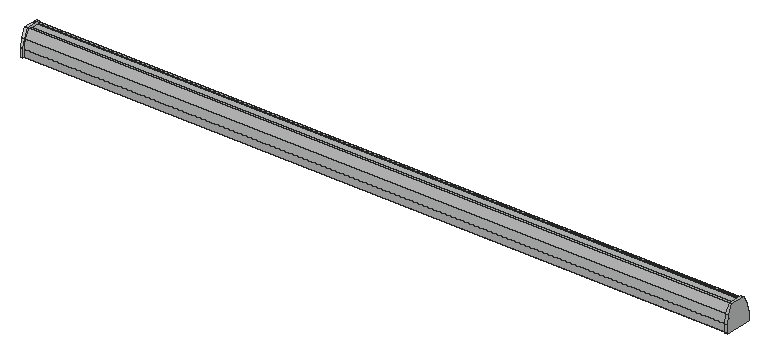
Revit family "LIRA", category Осветительные приборы, Revit 2019
Family settings
  Размер круглого соединителя = Использовать диаметр
  Тип детали = Нормальный
  На основе рабочей плоскости = Да
  Всегда вертикально = Нет
  При загрузке вырезать с полостями = Нет
  Источник света = Да
  Общий = Нет
  Точка расчета площади = Да
Parameters (values of type "LIRA-38/OPAL-2400/IP65  (5000К, серый)")
  built-in parameter 1150104 = 13.8 (stored number, unit not read)
  built-in parameter 1150134 = 2
  Файл фотометрической сетки = "LIRA-38_OPAL-1200.ies"
  Tilt Angle = 90.00°
  built-in parameter 1150137 = (empty or 0)
  built-in parameter 1150132 = 2
  built-in parameter 1150114 = 1 (stored number, unit not read)
  Dimming Lamp Color Temperature Shift = (empty or 0)
  built-in parameter 1150105 = 342.18 (stored number, unit not read)
  Color Filter = 16777215
  Lumens = 4300 lm
  built-in parameter 1150109 = 1 (stored number, unit not read)
  built-in parameter 1150112 = 1 (stored number, unit not read)
  built-in parameter 1150110 = 1 (stored number, unit not read)
  built-in parameter 1150113 = 1 (stored number, unit not read)
  built-in parameter 1150115 = 1 (stored number, unit not read)
  built-in parameter 1114218 = 1 (stored number, unit not read)
  built-in parameter 1114217 = 1 (stored number, unit not read)
  Default Elevation = 1219.2 mm
  built-in parameter 1150106 = 3.4218 (stored number, unit not read)
  built-in parameter 1150142 = "IESNA:LM-63-95\r\n[TEST] Протокол № 50\r\n[DATA] 17.06.2016\r\n[MORE] \r\n[MANUFAC] ЗАО \"Центрстройсвет\"\r\n[LUMCAT]  Светильник OPERLUX-34/PRISMA-(588x588) \r\n[LUMINAIRE]\r\n[LAMPCAT] Светодиоды\r\n[LAMP] Поток источника света (светодиодов) не известен\r\n[MORE] КСС приведена в абсолютных величинах кд\r\n[MORE] Вместо потока лампы, указан поток светильника.\r\nTILT=NONE\r\n1    3050 1.0 37 73 1 2 0.588 0.588 0.08\r\n1.0 1.0 34\r\n0.0 5.0 10.0 15.0 20.0 25.0 30.0 35.0 40.0 45.0 50.0 55.0 60.0 65.0 70.0 75.0 80.0 85.0 90.0 95.0 100.0 105.0 110.0 115.0 120.0 125.0 130.0 135.0 140.0 145.0 150.0 155.0 160.0 165.0 170.0 175.0 180.0\r\n0.0 5.0 10.0 15.0 20.0 25.0 30.0 35.0 40.0 45.0 50.0 55.0 60.0 65.0 70.0 75.0 80.0 85.0 90.0 95.0 100.0 105.0 110.0 115.0 120.0 125.0 130.0 135.0 140.0 145.0 150.0 155.0 160.0 165.0 170.0 175.0 180.0 185.0 190.0 195.0 200.0 205.0 210.0 215.0 220.0 225.0 230.0 235.0 240.0 245.0 250.0 255.0 260.0 265.0 270.0 275.0 280.0 285.0 290.0 295.0 300.0 305.0 310.0 315.0 320.0 325.0 330.0 335.0 340.0 345.0 350.0 355.0 360.0\r\n1367.8 1364.1 1339.9 1310.7 1251.0 1171.4 1077.9 956.5 826.9 709.2 591.4 468.7 352.2 267.2 190.7 130.0 88.6 43.5 5.5 0.0 0.0 0.0 0.0 0.0 0.0 0.0 0.0 0.0 0.0 0.0 0.0 0.0 0.0 0.0 0.0 0.0 0.0\r\n1367.8 1365.7 1344.6 1309.2 1251.5 1175.2 1073.4 954.2 830.4 711.2 594.6 469.5 356.0 268.7 191.9 132.6 89.9 43.9 6.3 0.0 0.0 0.0 0.0 0.0 0.0 0.0 0.0 0.0 0.0 0.0 0.0 0.0 0.0 0.0 0.0 0.0 0.0\r\n1367.8 1367.4 1347.2 1302.8 1251.5 1178.6 1078.4 958.6 835.1 714.0 597.2 474.3 359.6 268.7 192.7 135.6 92.1 44.3 6.9 0.0 0.0 0.0 0.0 0.0 0.0 0.0 0.0 0.0 0.0 0.0 0.0 0.0 0.0 0.0 0.0 0.0 0.0\r\n1367.8 1368.2 1346.2 1303.1 1250.1 1177.1 1081.4 960.9 838.1 716.2 597.6 475.0 358.6 266.4 190.9 134.8 91.7 44.9 7.0 0.0 0.0 0.0 0.0 0.0 0.0 0.0 0.0 0.0 0.0 0.0 0.0 0.0 0.0 0.0 0.0 0.0 0.0\r\n1367.8 1367.7 1343.5 1306.2 1256.1 1180.0 1081.0 961.6 838.1 714.0 595.7 473.1 356.8 262.2 188.3 132.8 89.3 43.7 6.6 0.0 0.0 0.0 0.0 0.0 0.0 0.0 0.0 0.0 0.0 0.0 0.0 0.0 0.0 0.0 0.0 0.0 0.0\r\n1367.8 1366.2 1344.8 1309.0 1256.2 1184.6 1080.4 962.6 836.8 714.8 593.8 469.6 354.4 260.1 184.9 130.4 88.4 44.2 6.5 0.0 0.0 0.0 0.0 0.0 0.0 0.0 0.0 0.0 0.0 0.0 0.0 0.0 0.0 0.0 0.0 0.0 0.0\r\n1367.8 1364.3 1347.6 1312.1 1259.9 1177.4 1078.5 968.2 849.1 721.6 596.0 467.2 355.0 257.4 183.3 127.1 87.5 45.4 6.5 0.0 0.0 0.0 0.0 0.0 0.0 0.0 0.0 0.0 0.0 0.0 0.0 0.0 0.0 0.0 0.0 0.0 0.0\r\n1367.8 1363.3 1348.8 1312.0 1262.8 1181.2 1077.4 968.8 853.2 730.0 597.2 466.8 353.5 256.9 181.1 124.8 87.2 45.9 6.9 0.0 0.0 0.0 0.0 0.0 0.0 0.0 0.0 0.0 0.0 0.0 0.0 0.0 0.0 0.0 0.0 0.0 0.0\r\n1367.8 1364.0 1350.3 1308.2 1255.9 1182.2 1079.9 969.0 856.0 734.3 601.1 468.4 352.6 254.4 178.0 121.7 85.5 45.0 6.9 0.0 0.0 0.0 0.0 0.0 0.0 0.0 0.0 0.0 0.0 0.0 0.0 0.0 0.0 0.0 0.0 0.0 0.0\r\n1367.8 1364.9 1349.2 1313.0 1259.2 1178.2 1076.4 970.7 860.9 740.8 606.9 469.1 350.2 254.0 175.6 117.8 83.6 43.4 6.7 0.0 0.0 0.0 0.0 0.0 0.0 0.0 0.0 0.0 0.0 0.0 0.0 0.0 0.0 0.0 0.0 0.0 0.0\r\n1367.8 1365.0 1348.6 1315.3 1261.5 1184.1 1082.6 973.9 862.8 745.2 607.9 469.0 350.5 253.1 173.2 116.2 81.4 42.4 6.5 0.0 0.0 0.0 0.0 0.0 0.0 0.0 0.0 0.0 0.0 0.0 0.0 0.0 0.0 0.0 0.0 0.0 0.0\r\n1367.8 1364.4 1347.9 1315.3 1258.7 1186.3 1085.9 970.5 862.2 747.0 613.0 468.8 350.2 252.8 173.4 116.6 79.8 40.9 6.7 0.0 0.0 0.0 0.0 0.0 0.0 0.0 0.0 0.0 0.0 0.0 0.0 0.0 0.0 0.0 0.0 0.0 0.0\r\n1367.8 1363.4 1347.0 1308.3 1258.6 1184.3 1089.8 973.9 867.7 742.3 606.2 467.0 350.0 252.6 175.4 119.1 79.8 42.1 7.1 0.0 0.0 0.0 0.0 0.0 0.0 0.0 0.0 0.0 0.0 0.0 0.0 0.0 0.0 0.0 0.0 0.0 0.0\r\n1367.8 1362.6 1348.4 1308.2 1261.4 1190.2 1088.3 978.6 869.6 744.0 601.1 462.4 350.2 253.6 175.9 123.0 83.5 45.3 7.8 0.0 0.0 0.0 0.0 0.0 0.0 0.0 0.0 0.0 0.0 0.0 0.0 0.0 0.0 0.0 0.0 0.0 0.0\r\n1367.8 1362.3 1347.3 1311.1 1262.3 1191.1 1093.6 982.5 872.1 746.6 597.2 461.1 348.8 251.4 176.3 127.6 89.2 48.5 7.9 0.0 0.0 0.0 0.0 0.0 0.0 0.0 0.0 0.0 0.0 0.0 0.0 0.0 0.0 0.0 0.0 0.0 0.0\r\n1367.8 1362.5 1345.8 1316.1 1260.6 1190.3 1096.8 982.6 873.3 743.8 593.1 456.4 347.2 250.6 175.7 130.9 94.2 51.8 9.3 0.0 0.0 0.0 0.0 0.0 0.0 0.0 0.0 0.0 0.0 0.0 0.0 0.0 0.0 0.0 0.0 0.0 0.0\r\n1367.8 1363.2 1345.2 1315.5 1267.1 1195.5 1096.1 995.9 871.3 740.3 589.0 455.0 342.8 246.9 174.2 131.9 97.1 52.4 10.1 0.0 0.0 0.0 0.0 0.0 0.0 0.0 0.0 0.0 0.0 0.0 0.0 0.0 0.0 0.0 0.0 0.0 0.0\r\n1367.8 1364.5 1346.0 1317.2 1264.0 1194.7 1102.6 991.8 873.9 736.2 584.7 454.3 338.6 243.0 171.3 130.1 99.3 53.7 9.5 0.0 0.0 0.0 0.0 0.0 0.0 0.0 0.0 0.0 0.0 0.0 0.0 0.0 0.0 0.0 0.0 0.0 0.0\r\n1367.8 1365.9 1346.4 1317.1 1264.0 1198.2 1105.3 994.6 872.6 727.7 582.0 451.8 335.8 239.9 168.3 127.6 100.0 55.8 7.5 0.0 0.0 0.0 0.0 0.0 0.0 0.0 0.0 0.0 0.0 0.0 0.0 0.0 0.0 0.0 0.0 0.0 0.0\r\n1367.8 1366.3 1344.9 1317.5 1265.6 1200.4 1108.2 997.2 868.8 722.7 575.8 446.5 333.1 238.4 167.7 126.3 98.1 56.1 8.8 0.0 0.0 0.0 0.0 0.0 0.0 0.0 0.0 0.0 0.0 0.0 0.0 0.0 0.0 0.0 0.0 0.0 0.0\r\n1367.8 1365.9 1344.0 1313.0 1263.2 1200.6 1104.3 997.0 862.7 720.9 568.5 441.0 331.7 237.8 167.7 126.3 96.7 53.7 9.4 0.0 0.0 0.0 0.0 0.0 0.0 0.0 0.0 0.0 0.0 0.0 0.0 0.0 0.0 0.0 0.0 0.0 0.0\r\n1367.8 1365.3 1346.1 1312.6 1263.0 1198.3 1108.1 995.3 861.6 712.7 563.4 437.4 331.4 236.8 165.9 124.7 95.3 55.2 9.1 0.0 0.0 0.0 0.0 0.0 0.0 0.0 0.0 0.0 0.0 0.0 0.0 0.0 0.0 0.0 0.0 0.0 0.0\r\n1367.8 1364.9 1349.2 1313.0 1262.9 1199.0 1108.3 993.8 855.7 710.3 563.1 435.2 329.9 233.9 163.4 121.6 92.0 55.1 8.8 0.0 0.0 0.0 0.0 0.0 0.0 0.0 0.0 0.0 0.0 0.0 0.0 0.0 0.0 0.0 0.0 0.0 0.0\r\n1367.8 1364.1 1352.0 1313.2 1259.2 1197.0 1104.6 988.6 849.9 704.2 562.4 433.5 327.9 230.5 158.4 116.9 87.6 51.4 7.8 0.0 0.0 0.0 0.0 0.0 0.0 0.0 0.0 0.0 0.0 0.0 0.0 0.0 0.0 0.0 0.0 0.0 0.0\r\n1367.8 1363.0 1349.6 1313.3 1257.8 1193.2 1098.7 980.1 848.0 708.1 565.6 433.4 325.1 228.0 154.2 111.3 83.7 49.7 7.5 0.0 0.0 0.0 0.0 0.0 0.0 0.0 0.0 0.0 0.0 0.0 0.0 0.0 0.0 0.0 0.0 0.0 0.0\r\n1367.8 1361.9 1346.7 1314.1 1256.8 1193.2 1093.6 977.6 847.2 708.6 569.1 434.8 324.5 225.9 151.7 107.5 81.6 48.9 7.3 0.0 0.0 0.0 0.0 0.0 0.0 0.0 0.0 0.0 0.0 0.0 0.0 0.0 0.0 0.0 0.0 0.0 0.0\r\n1367.8 1361.2 1345.0 1309.5 1261.1 1193.3 1089.9 973.2 851.1 709.3 572.7 435.0 323.4 225.4 152.1 105.8 80.4 49.9 7.3 0.0 0.0 0.0 0.0 0.0 0.0 0.0 0.0 0.0 0.0 0.0 0.0 0.0 0.0 0.0 0.0 0.0 0.0\r\n1367.8 1360.5 1345.3 1307.2 1258.6 1186.4 1085.9 974.0 847.9 714.1 575.5 436.8 321.2 223.3 152.0 105.2 79.8 49.6 8.0 0.0 0.0 0.0 0.0 0.0 0.0 0.0 0.0 0.0 0.0 0.0 0.0 0.0 0.0 0.0 0.0 0.0 0.0\r\n1367.8 1360.0 1344.3 1308.1 1257.8 1178.2 1085.3 975.1 848.7 715.2 575.4 439.1 318.7 223.0 150.8 104.3 79.3 49.5 8.2 0.0 0.0 0.0 0.0 0.0 0.0 0.0 0.0 0.0 0.0 0.0 0.0 0.0 0.0 0.0 0.0 0.0 0.0\r\n1367.8 1360.5 1346.2 1311.6 1256.3 1174.7 1082.9 978.6 851.4 710.5 574.9 440.6 317.9 221.6 152.3 106.4 79.3 48.7 8.4 0.0 0.0 0.0 0.0 0.0 0.0 0.0 0.0 0.0 0.0 0.0 0.0 0.0 0.0 0.0 0.0 0.0 0.0\r\n1367.8 1361.9 1350.3 1309.3 1252.2 1172.6 1080.3 970.8 851.2 713.3 570.6 439.7 319.0 222.4 154.5 110.7 81.7 47.4 8.1 0.0 0.0 0.0 0.0 0.0 0.0 0.0 0.0 0.0 0.0 0.0 0.0 0.0 0.0 0.0 0.0 0.0 0.0\r\n1367.8 1363.7 1348.0 1307.6 1253.5 1171.4 1087.1 971.6 851.9 710.7 569.9 438.2 323.8 226.5 159.3 115.4 83.3 45.0 7.6 0.0 0.0 0.0 0.0 0.0 0.0 0.0 0.0 0.0 0.0 0.0 0.0 0.0 0.0 0.0 0.0 0.0 0.0\r\n1367.8 1365.3 1346.4 1312.3 1251.8 1172.7 1086.5 974.6 847.7 705.0 567.7 442.4 326.6 234.0 164.3 120.1 85.8 43.9 7.4 0.0 0.0 0.0 0.0 0.0 0.0 0.0 0.0 0.0 0.0 0.0 0.0 0.0 0.0 0.0 0.0 0.0 0.0\r\n1367.8 1366.2 1347.0 1309.1 1250.4 1170.7 1085.2 978.5 846.6 705.8 567.4 441.3 331.1 236.3 167.7 122.8 88.4 45.0 8.1 0.0 0.0 0.0 0.0 0.0 0.0 0.0 0.0 0.0 0.0 0.0 0.0 0.0 0.0 0.0 0.0 0.0 0.0\r\n1367.8 1366.0 1347.9 1306.2 1240.5 1166.7 1082.2 977.2 844.2 702.8 566.8 442.7 335.1 241.3 169.7 123.7 90.0 45.9 9.2 0.0 0.0 0.0 0.0 0.0 0.0 0.0 0.0 0.0 0.0 0.0 0.0 0.0 0.0 0.0 0.0 0.0 0.0\r\n1367.8 1364.3 1346.5 1311.7 1250.6 1170.3 1080.9 980.5 844.4 703.8 569.8 446.4 334.2 240.3 169.5 121.7 87.9 46.9 9.3 0.0 0.0 0.0 0.0 0.0 0.0 0.0 0.0 0.0 0.0 0.0 0.0 0.0 0.0 0.0 0.0 0.0 0.0\r\n1367.8 1361.6 1341.0 1307.3 1249.6 1169.2 1088.8 980.5 845.1 706.2 571.7 444.8 333.0 238.4 168.9 120.7 87.1 47.8 7.8 0.0 0.0 0.0 0.0 0.0 0.0 0.0 0.0 0.0 0.0 0.0 0.0 0.0 0.0 0.0 0.0 0.0 0.0\r\n1367.8 1359.4 1337.2 1303.3 1252.4 1170.4 1080.4 978.1 841.4 701.4 566.4 444.4 333.5 241.2 169.4 122.2 88.2 47.2 9.5 0.0 0.0 0.0 0.0 0.0 0.0 0.0 0.0 0.0 0.0 0.0 0.0 0.0 0.0 0.0 0.0 0.0 0.0\r\n1367.8 1359.3 1342.6 1310.3 1242.7 1173.0 1078.8 976.3 844.8 702.0 565.3 440.7 332.8 240.9 169.9 123.5 89.5 46.1 9.1 0.0 0.0 0.0 0.0 0.0 0.0 0.0 0.0 0.0 0.0 0.0 0.0 0.0 0.0 0.0 0.0 0.0 0.0\r\n1367.8 1361.3 1345.4 1306.4 1248.2 1167.7 1080.4 980.5 846.8 703.5 567.2 443.4 333.2 240.2 168.7 123.1 88.4 46.2 8.4 0.0 0.0 0.0 0.0 0.0 0.0 0.0 0.0 0.0 0.0 0.0 0.0 0.0 0.0 0.0 0.0 0.0 0.0\r\n1367.8 1364.4 1343.1 1308.2 1251.3 1170.9 1084.2 980.8 848.5 707.7 571.1 445.6 332.7 238.1 167.5 120.7 85.6 44.6 7.7 0.0 0.0 0.0 0.0 0.0 0.0 0.0 0.0 0.0 0.0 0.0 0.0 0.0 0.0 0.0 0.0 0.0 0.0\r\n1367.8 1366.7 1342.9 1310.2 1254.3 1176.8 1087.8 981.7 853.4 711.9 574.2 446.0 329.4 232.8 162.6 116.6 83.7 45.3 8.1 0.0 0.0 0.0 0.0 0.0 0.0 0.0 0.0 0.0 0.0 0.0 0.0 0.0 0.0 0.0 0.0 0.0 0.0\r\n1367.8 1367.7 1346.5 1310.6 1258.1 1183.1 1085.5 978.6 854.1 714.2 577.9 448.7 327.1 229.4 158.3 112.1 82.0 47.9 9.0 0.0 0.0 0.0 0.0 0.0 0.0 0.0 0.0 0.0 0.0 0.0 0.0 0.0 0.0 0.0 0.0 0.0 0.0\r\n1367.8 1367.3 1348.0 1310.6 1262.6 1180.1 1086.5 982.6 856.7 719.8 579.9 448.7 324.7 226.8 155.7 107.8 80.3 50.1 9.5 0.0 0.0 0.0 0.0 0.0 0.0 0.0 0.0 0.0 0.0 0.0 0.0 0.0 0.0 0.0 0.0 0.0 0.0\r\n1367.8 1365.6 1348.6 1309.9 1259.0 1186.0 1089.0 979.4 855.0 722.2 584.2 450.5 325.6 227.6 155.8 107.2 80.5 51.4 9.6 0.0 0.0 0.0 0.0 0.0 0.0 0.0 0.0 0.0 0.0 0.0 0.0 0.0 0.0 0.0 0.0 0.0 0.0\r\n1367.8 1363.3 1347.7 1306.8 1261.1 1190.7 1095.5 982.3 860.8 723.2 585.7 446.3 327.8 230.3 158.2 109.3 81.7 51.4 9.3 0.0 0.0 0.0 0.0 0.0 0.0 0.0 0.0 0.0 0.0 0.0 0.0 0.0 0.0 0.0 0.0 0.0 0.0\r\n1367.8 1361.0 1344.4 1306.7 1264.4 1191.7 1095.0 984.8 858.7 723.1 583.6 444.8 328.4 232.3 158.6 109.9 81.8 51.7 9.0 0.0 0.0 0.0 0.0 0.0 0.0 0.0 0.0 0.0 0.0 0.0 0.0 0.0 0.0 0.0 0.0 0.0 0.0\r\n1367.8 1359.1 1344.3 1308.4 1263.8 1198.1 1102.2 989.8 861.5 721.8 582.8 444.8 331.3 233.7 158.6 111.1 83.0 50.9 8.9 0.0 0.0 0.0 0.0 0.0 0.0 0.0 0.0 0.0 0.0 0.0 0.0 0.0 0.0 0.0 0.0 0.0 0.0\r\n1367.8 1357.8 1346.5 1313.8 1263.6 1192.7 1107.0 996.3 859.5 718.8 579.1 442.9 332.1 234.9 160.7 114.1 84.6 51.0 9.2 0.0 0.0 0.0 0.0 0.0 0.0 0.0 0.0 0.0 0.0 0.0 0.0 0.0 0.0 0.0 0.0 0.0 0.0\r\n1367.8 1357.7 1347.3 1313.2 1264.3 1198.9 1108.1 998.6 864.9 718.7 573.2 441.1 332.1 237.8 164.0 118.2 87.5 52.0 9.8 0.0 0.0 0.0 0.0 0.0 0.0 0.0 0.0 0.0 0.0 0.0 0.0 0.0 0.0 0.0 0.0 0.0 0.0\r\n1367.8 1358.5 1346.9 1313.1 1266.5 1195.6 1112.2 1002.8 870.4 722.5 574.7 443.8 335.7 239.1 166.4 121.6 91.2 55.8 10.9 0.0 0.0 0.0 0.0 0.0 0.0 0.0 0.0 0.0 0.0 0.0 0.0 0.0 0.0 0.0 0.0 0.0 0.0\r\n1367.8 1359.8 1344.7 1312.9 1269.5 1203.1 1107.5 1002.6 874.5 724.4 574.3 444.8 335.5 240.3 169.6 124.4 94.2 56.9 11.6 0.0 0.0 0.0 0.0 0.0 0.0 0.0 0.0 0.0 0.0 0.0 0.0 0.0 0.0 0.0 0.0 0.0 0.0\r\n1367.8 1361.7 1344.5 1316.7 1266.1 1199.3 1111.1 1004.7 879.7 733.6 577.6 446.7 337.8 241.2 168.7 126.0 96.3 56.5 11.7 0.0 0.0 0.0 0.0 0.0 0.0 0.0 0.0 0.0 0.0 0.0 0.0 0.0 0.0 0.0 0.0 0.0 0.0\r\n1367.8 1363.9 1346.7 1316.2 1265.7 1198.1 1117.1 1006.7 882.1 737.2 586.5 450.4 338.9 242.3 167.8 125.5 98.6 58.1 10.5 0.0 0.0 0.0 0.0 0.0 0.0 0.0 0.0 0.0 0.0 0.0 0.0 0.0 0.0 0.0 0.0 0.0 0.0\r\n1367.8 1365.2 1345.4 1319.5 1265.7 1198.8 1109.1 1003.5 876.9 742.6 589.1 456.4 341.1 242.1 167.5 126.8 100.2 57.9 8.8 0.0 0.0 0.0 0.0 0.0 0.0 0.0 0.0 0.0 0.0 0.0 0.0 0.0 0.0 0.0 0.0 0.0 0.0\r\n1367.8 1365.0 1345.2 1312.9 1265.8 1199.0 1109.7 999.6 877.6 742.6 595.8 457.7 342.1 245.3 170.4 128.5 99.0 56.9 11.0 0.0 0.0 0.0 0.0 0.0 0.0 0.0 0.0 0.0 0.0 0.0 0.0 0.0 0.0 0.0 0.0 0.0 0.0\r\n1367.8 1364.1 1347.9 1311.6 1271.1 1195.3 1102.7 998.9 881.1 745.5 597.2 460.9 345.1 248.6 174.0 129.7 96.5 55.6 11.2 0.0 0.0 0.0 0.0 0.0 0.0 0.0 0.0 0.0 0.0 0.0 0.0 0.0 0.0 0.0 0.0 0.0 0.0\r\n1367.8 1363.0 1347.3 1314.0 1269.6 1192.3 1104.9 991.5 878.3 748.8 603.5 463.3 348.1 251.3 177.2 130.4 94.2 55.0 10.3 0.0 0.0 0.0 0.0 0.0 0.0 0.0 0.0 0.0 0.0 0.0 0.0 0.0 0.0 0.0 0.0 0.0 0.0\r\n1367.8 1362.4 1346.2 1314.7 1264.3 1194.7 1094.8 992.0 878.4 749.1 608.2 465.6 349.4 252.9 177.2 127.6 90.1 51.7 8.7 0.0 0.0 0.0 0.0 0.0 0.0 0.0 0.0 0.0 0.0 0.0 0.0 0.0 0.0 0.0 0.0 0.0 0.0\r\n1367.8 1362.7 1348.0 1314.5 1265.5 1196.6 1094.9 983.4 872.0 752.6 609.3 469.0 352.6 254.1 177.1 125.0 85.8 47.2 8.1 0.0 0.0 0.0 0.0 0.0 0.0 0.0 0.0 0.0 0.0 0.0 0.0 0.0 0.0 0.0 0.0 0.0 0.0\r\n1367.8 1362.9 1347.6 1317.1 1264.6 1191.1 1090.4 981.6 868.8 748.7 612.1 472.2 352.0 253.6 176.2 121.4 83.1 43.4 6.9 0.0 0.0 0.0 0.0 0.0 0.0 0.0 0.0 0.0 0.0 0.0 0.0 0.0 0.0 0.0 0.0 0.0 0.0\r\n1367.8 1362.5 1343.6 1318.7 1268.8 1192.3 1085.5 974.5 866.1 750.5 612.3 472.0 350.7 253.1 174.7 119.5 83.2 43.3 6.3 0.0 0.0 0.0 0.0 0.0 0.0 0.0 0.0 0.0 0.0 0.0 0.0 0.0 0.0 0.0 0.0 0.0 0.0\r\n1367.8 1362.1 1341.3 1317.3 1267.8 1185.0 1082.2 972.1 864.2 747.6 611.4 473.0 350.1 254.2 174.7 118.9 84.4 45.4 6.1 0.0 0.0 0.0 0.0 0.0 0.0 0.0 0.0 0.0 0.0 0.0 0.0 0.0 0.0 0.0 0.0 0.0 0.0\r\n1367.8 1362.2 1343.6 1308.9 1260.0 1189.4 1084.9 971.7 859.6 740.4 606.9 470.8 351.4 253.9 176.6 120.3 86.5 45.9 6.5 0.0 0.0 0.0 0.0 0.0 0.0 0.0 0.0 0.0 0.0 0.0 0.0 0.0 0.0 0.0 0.0 0.0 0.0\r\n1367.8 1363.0 1342.9 1314.5 1263.9 1184.9 1081.6 971.9 853.4 735.2 605.3 467.7 352.3 254.8 180.1 122.7 87.8 46.6 6.8 0.0 0.0 0.0 0.0 0.0 0.0 0.0 0.0 0.0 0.0 0.0 0.0 0.0 0.0 0.0 0.0 0.0 0.0\r\n1367.8 1364.3 1340.2 1313.1 1261.0 1182.5 1084.4 971.4 852.3 730.7 600.0 466.2 354.3 255.8 181.2 124.6 88.4 46.8 6.6 0.0 0.0 0.0 0.0 0.0 0.0 0.0 0.0 0.0 0.0 0.0 0.0 0.0 0.0 0.0 0.0 0.0 0.0\r\n1367.8 1365.9 1343.5 1308.2 1258.3 1181.3 1083.1 966.4 845.6 721.0 594.9 467.0 352.2 259.1 183.4 126.7 88.1 45.4 6.1 0.0 0.0 0.0 0.0 0.0 0.0 0.0 0.0 0.0 0.0 0.0 0.0 0.0 0.0 0.0 0.0 0.0 0.0\r\n1367.8 1366.3 1345.1 1308.7 1254.7 1177.8 1080.9 969.9 838.6 714.9 593.4 465.7 351.7 258.6 185.5 129.6 88.1 44.0 5.9 0.0 0.0 0.0 0.0 0.0 0.0 0.0 0.0 0.0 0.0 0.0 0.0 0.0 0.0 0.0 0.0 0.0 0.0\r\n1367.8 1364.5 1343.2 1306.3 1248.4 1177.3 1082.4 962.7 833.3 713.0 595.0 468.9 352.8 260.9 187.3 132.3 88.7 43.5 6.0 0.0 0.0 0.0 0.0 0.0 0.0 0.0 0.0 0.0 0.0 0.0 0.0 0.0 0.0 0.0 0.0 0.0 0.0\r\n1367.8 1362.4 1346.0 1305.7 1255.8 1170.9 1078.4 956.8 832.7 709.6 592.6 470.6 355.6 263.8 189.2 133.7 90.3 44.0 6.3 0.0 0.0 0.0 0.0 0.0 0.0 0.0 0.0 0.0 0.0 0.0 0.0 0.0 0.0 0.0 0.0 0.0 0.0\r\n1367.8 1362.0 1346.8 1311.0 1252.6 1177.3 1074.5 958.3 825.6 709.7 591.0 467.7 356.3 264.6 188.4 133.0 90.3 43.3 6.2 0.0 0.0 0.0 0.0 0.0 0.0 0.0 0.0 0.0 0.0 0.0 0.0 0.0 0.0 0.0 0.0 0.0 0.0\r\n1367.8 1363.0 1341.5 1311.3 1242.3 1175.5 1082.4 953.9 818.8 707.4 591.0 466.6 352.5 265.4 188.6 130.9 89.0 43.1 6.3 0.0 0.0 0.0 0.0 0.0 0.0 0.0 0.0 0.0 0.0 0.0 0.0 0.0 0.0 0.0 0.0 0.0 0.0\r\n1367.8 1364.1 1339.9 1310.7 1251.0 1171.4 1077.9 956.5 826.9 709.2 591.4 468.7 352.2 267.2 190.7 130.0 88.6 43.5 5.5 0.0 0.0 0.0 0.0 0.0 0.0 0.0 0.0 0.0 0.0 0.0 0.0 0.0 0.0 0.0 0.0 0.0 0.0\r\n"
  built-in parameter 1150133 = 10 (stored number, unit not read)
  Wattage = 28.948 W
  Материал коробки = RAL 9006
  built-in parameter 1150139 = (empty or 0)
  built-in parameter 1150138 = (empty or 0)
  built-in parameter 1150107 = 5000 (stored number, unit not read)
  built-in parameter 1150102 = (empty or 0)
  Emit from Rectangle Width = Ширина - 4 mm  # 83 mm
  Emit from Rectangle Length = Длина - 20 mm  # 2400 mm
  Длина = 2420 mm
  УГО [instance] = yes
  Description = ""
  Материал светильника = RAL 9006
  Материал стекла = RAL светящийся
  Type Comments = ""
  Изготовитель = "ЗАО «Центрстройсвет»"
  Ширина = 87 mm
  Высота = 80 mm
  Видимая форма излучения при визуализации = no
  URL = "http://csvt.ru/"
  ADSK_Ток = ADSK_Номинальная мощность / (ADSK_Коэффициент мощности * ADSK_Напряжение * sqrt(ADSK_Количество фаз числовое))  # 0.179584 A
  ADSK_Примечание = ""
  ADSK_Полная мощность = ADSK_Номинальная мощность / ADSK_Коэффициент мощности  # 41.3043 VA
  ADSK_Обозначение = "LIRA-38/OPAL-2400/IP65  (5000К, серый)"
  ADSK_Номинальная мощность = 38 W
  ADSK_Напряжение = 230 V
  ADSK_Наименование = "Светодиодный пылевлагозащищенный светильник LIRA-38/OPAL-2400/IP65  (5000К, серый)"
  ADSK_Масса = 5.5
  ADSK_Коэффициент мощности = 0.92
  ADSK_Количество фаз числовое = 1
  ADSK_Количество фаз = 1
  ADSK_Код изделия = "ЦБ000009477"
  ADSK_Классификация нагрузок = Прочее
  ADSK_Завод-изготовитель = "ЗАО «Центрстройсвет»"
  ADSK_Единица измерения = "шт."
Reference planes
  plane 1 "По центру (Вперед/Назад)": y = 0
  plane 2: z = 0
  plane 3 "По центру (Влево/Вправо)": x = 0
  plane 4: x = -1210
  plane 5: x = 1210
  plane 6: y = -43.5
  plane 7: y = 43.5
  plane 8: y = -41.5
  plane 9: y = 41.5
  plane 10: x = 1209
  plane 11: x = -1209
  plane 12: z = -75
  plane 13: z = -80
  plane 14: z = -79
  plane 15: z = -53.333
  plane 16: z = -26.667
  plane 17: y = -38.5
  plane 18: y = -23.5
  plane 19: y = 38.5
  plane 20: y = 23.5
  plane 21: x = 1200
  plane 22: x = -1200
  plane 23: z = -3
Forms (mm)
  Extrusion 1, solid, material "RAL светящийся" <- "Материал стекла", detail levels medium+fine
    sketch origin (0, 0, 0) x (1, 0, 0) y (0, 1, 0)
      loop
        line (-1200, 41.5) -> (-1200, -41.5) -> (1200, -41.5) -> (1200, 41.5) -> (-1200, 41.5)
    from -80 to -75
  Extrusion 2, void, detail levels medium+fine
    sketch origin (0, 0, 0) x (0, 1, 0) y (0, 0, 1)
      loop
        line (41.5, -79) -> (-41.5, -79) -> (-41.5, -80) -> (41.5, -80) -> (41.5, -79)
    from -1200 to 1200
  Extrusion 3, solid, material "RAL 9006" <- "Материал светильника", detail levels medium+fine
    sketch origin (0, 0, 0) x (0, 1, 0) y (0, 0, 1)
      loop
        line (23.5, 0) -> (13.071, 0) -> (13.071, -1) -> (16.071, -1) -> (16.071, -3) -> (-16.071, -3) -> (-16.071, -1) -> (-13.071, -1) -> (-13.071, 0) -> (-23.5, 0) -> (-38.5, -26.667) -> (-43.5, -53.333) -> (-43.5, -80) -> (-41.5, -80) -> (-41.5, -79) -> (-42.5, -79) -> (-42.5, -75) -> (42.5, -75) -> (42.5, -79) -> (41.5, -79) -> (41.5, -80) -> (43.5, -80) -> (43.5, -53.333) -> (38.5, -26.667) -> (23.5, 0)
    from -1209 to 1209
  Extrusion 4, solid, material "RAL 9006" <- "Материал коробки", detail levels medium+fine
    sketch origin (0, 0, 0) x (0, 1, 0) y (0, 0, 1)
      loop
        line (39.452, -26.32) -> (24.085, 1) -> (-24.085, 1) -> (-39.452, -26.32) -> (-44.5, -53.24) -> (-44.5, -81) -> (44.5, -81) -> (44.5, -53.24) -> (39.452, -26.32)
    from 1200 to 1210
  Extrusion 5, solid, detail levels medium+fine
    sketch origin (0, 0, 0) x (0, 1, 0) y (0, 0, -1)
      loop
        line (39.452, 26.32) -> (44.5, 53.24) -> (44.5, 81) -> (-44.5, 81) -> (-44.5, 53.24) -> (-39.452, 26.32) -> (-24.085, -1) -> (24.085, -1) -> (39.452, 26.32)
    from 1200 to 1210
Dimensions and locks
  equal spacing: plane 4, plane 3 "По центру (Влево/Вправо)", plane 5
  "Длина": plane 4 to plane 5
  equal spacing: plane 7, plane 1 "По центру (Вперед/Назад)", plane 6
  "Ширина": plane 7 to plane 6
  locked: plane 8 to plane 6 at 2
  locked: plane 9 to plane 7 at 2
  locked: plane 4 to plane 11 at 1
  locked: plane 10 to plane 5 at 1
  locked: plane 14 to plane 13 at 1
  "Высота": plane 2 to plane 13
  locked: plane 12 to plane 13 at 5
  equal spacing: plane 2, plane 16, plane 15, plane 13
  locked: plane 17 to plane 6 at 5
  locked: plane 18 to plane 17 at 15
  locked: plane 20 to plane 19 at 15
  locked: plane 19 to plane 7 at 5
  locked: plane 21 to plane 5 at 10
  locked: plane 4 to plane 22 at 10
  equal spacing: Extrusion 3 sketch curve, imposter light, Extrusion 3 sketch curve
  plane 2 to plane 23 = 3 mm
  aligned and locked: level to plane 2
  aligned and locked: plane 12 to Extrusion 1
  aligned and locked: Extrusion 2 sketch curve to plane 13
  aligned and locked: Extrusion 2 sketch curve to plane 9
  aligned and locked: plane 14 to Extrusion 2 sketch curve
  aligned and locked: Extrusion 2 sketch curve to plane 8
  aligned and locked: Extrusion 1 to plane 13
  aligned and locked: plane 13 to imposter light
  aligned and locked: Extrusion 3 sketch curve to plane 7
  aligned and locked: Extrusion 3 sketch curve to plane 2
  aligned and locked: plane 6 to Extrusion 3 sketch curve
  aligned and locked: plane 13 to Extrusion 3 sketch curve
  aligned and locked: Extrusion 3 sketch curve to plane 9
  aligned and locked: plane 8 to Extrusion 3 sketch curve
  aligned and locked: Extrusion 3 sketch curve to plane 12
  aligned and locked: Extrusion 3 to plane 10
  aligned and locked: Extrusion 3 to plane 11
  aligned and locked: plane 20 to Extrusion 3 sketch curve
  aligned and locked: plane 18 to Extrusion 3 sketch curve
  aligned and locked: plane 16 to Extrusion 3 sketch curve  (x2)
  aligned and locked: plane 17 to Extrusion 3 sketch curve
  aligned and locked: plane 19 to Extrusion 3 sketch curve
  aligned and locked: plane 21 to Extrusion 4
  aligned and locked: plane 22 to Extrusion 5
  aligned and locked: Extrusion 5 to plane 4
  aligned and locked: Extrusion 4 to plane 5
  aligned and locked: Extrusion 1 to plane 22
  aligned and locked: Extrusion 1 to plane 21
  aligned and locked: Extrusion 2 to Extrusion 1  (x2)
  aligned and locked: plane 23 to Extrusion 3 sketch curve
Automatic sketch dimensions
  Extrusion 1 sketch curve to plane 8 = 0 mm
  plane 11 to Extrusion 1 sketch curve = 9 mm
  plane 10 to Extrusion 1 sketch curve = 9 mm
  plane 9 to Extrusion 1 sketch curve = 0 mm
  plane 15 to Extrusion 4 sketch curve = 0.093 mm  (x2)
  Extrusion 4 sketch curve to plane 6 = 1 mm
  plane 16 to Extrusion 4 sketch curve = 0.346 mm  (x2)
  Extrusion 4 sketch curve to plane 17 = 0.952 mm
  Extrusion 4 sketch curve to plane 18 = 0.585 mm
  Extrusion 4 sketch curve to plane 20 = 0.585 mm
  Extrusion 4 sketch curve to plane 19 = 0.952 mm
  Extrusion 4 sketch curve to plane 7 = 1 mm
  Extrusion 4 sketch curve to plane 13 = 1 mm
  level to Extrusion 4 sketch curve = 1 mm
  plane 15 to Extrusion 5 sketch curve = 0.093 mm  (x2)
  Extrusion 5 sketch curve to plane 6 = 1 mm
  plane 16 to Extrusion 5 sketch curve = 0.346 mm  (x2)
  Extrusion 5 sketch curve to plane 17 = 0.952 mm
  Extrusion 5 sketch curve to plane 18 = 0.585 mm
  Extrusion 5 sketch curve to plane 20 = 0.585 mm
  Extrusion 5 sketch curve to plane 19 = 0.952 mm
  Extrusion 5 sketch curve to plane 7 = 1 mm
  level to Extrusion 5 sketch curve = 1 mm
  Extrusion 5 sketch curve to plane 13 = 1 mm
  Extrusion 3 sketch curve to plane 14 = 0 mm  (x2)
  Extrusion 3 sketch curve to level = 0 mm
  Extrusion 3 sketch curve to plane 13 = 0 mm
  Extrusion 3 sketch curve to plane 15 = 0 mm  (x2)
  plane 6 to Extrusion 3 sketch curve = 1 mm
  Extrusion 3 sketch curve to Extrusion 3 sketch curve = 3 mm  (x2)
  Extrusion 3 sketch curve to Extrusion 3 sketch curve = 1 mm
  Extrusion 3 sketch curve to level = 1 mm  (x2)
  plane 18 to Extrusion 3 sketch curve = 7.429 mm
Nested families
  nested 1: "УГО светильник светодиодный" at (0, 0, 0), type "УГО светильник прямоугольный"
Connectors
  electrical at (0, 0, -3), driven by "ADSK_Количество фаз", driven by "ADSK_Классификация нагрузок", driven by "ADSK_Напряжение", driven by "ADSK_Полная мощность", driven by "ADSK_Коэффициент мощности"
    settings: on Extrusion 3, index 1, voltage 230 V, apparent load 0 VA, apparent load phase1 41.3043 VA, apparent load phase2 0 VA, apparent load phase3 0 VA, power factor 0.92, load classification "Прочее", number of poles 1, system type 31, power factor state 1, is connector primary yes, connector utility no, sub classification motor no, connector description ""
Definition of nested family "УГО светильник светодиодный"
  Parameters
    Длина = 1000 mm
    Ширина = 500 mm
  Reference planes
    plane 1 "По центру (Вперед/Назад)": y = 0
    plane 2: z = 0
    plane 3 "По центру (Влево/Вправо)": x = 0
    plane 4: x = -500
    plane 5: y = 250
    plane 6: x = 500
    plane 7: y = -250
    plane 8: x = -333.333
    plane 9: x = -166.667
    plane 10: x = 333.333
    plane 11: x = 166.667
  Lines and regions (mm)
    model lines, detail levels coarse
      curve 1: line (-500, 250, 0) -> (500, 250, 0)
      curve 2: line (-500, -250, 0) -> (-500, 250, 0)
      curve 3: line (500, -250, 0) -> (-500, -250, 0)
      curve 4: line (500, 250, 0) -> (500, -250, 0)
      curve 5: line (333.333, -250, 0) -> (333.333, 250, 0)
      curve 6: line (-333.333, -250, 0) -> (-333.333, 250, 0)
  Dimensions and locks
    equal spacing: plane 7, plane 1 "По центру (Вперед/Назад)", plane 5
    "Ширина": plane 7 to plane 5
    equal spacing: plane 4, plane 3 "По центру (Влево/Вправо)", plane 6
    "Длина": plane 4 to plane 6
    equal spacing: plane 4, plane 9, plane 11, plane 6
    equal spacing: plane 4, plane 8, plane 9
    equal spacing: plane 11, plane 10, plane 6
    aligned and locked: level to plane 2
    aligned and locked: curve 1 to plane 5
    aligned and locked: plane 4 to curve 2
    aligned and locked: curve 3 to plane 7
    aligned and locked: plane 6 to curve 4
    aligned and locked: curve 5 to plane 10
    aligned and locked: plane 8 to curve 6
